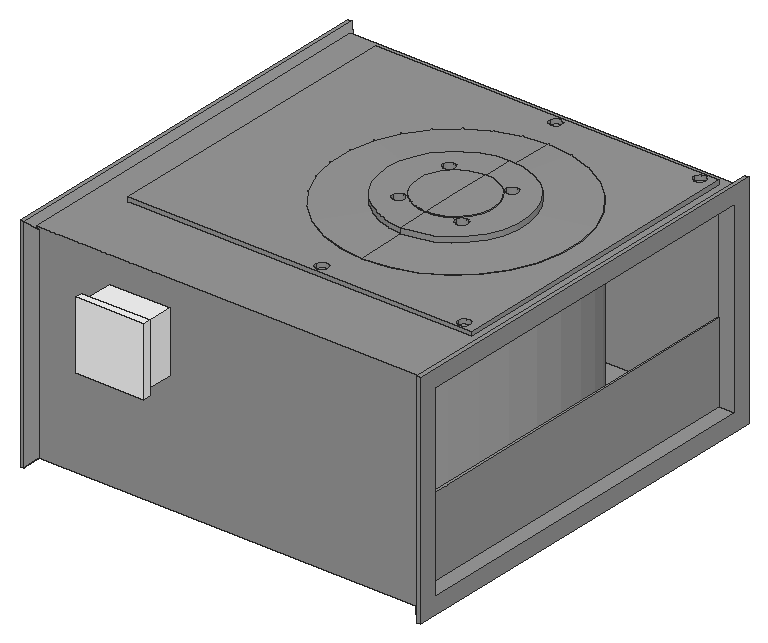
Revit family "RKB 500X250 B1 ErP AC_7470047", category Mechanical Equipment, Revit 2014
Parameters (values of type "RKB 500X250 B1 ErP AC")
  Wiring diagram = "4040001"
  Width = 532 mm
  Weight = 14.70 kg
  Voltage range = "220-240 V"
  Voltage = 230 V
  Speed = "2680 rpm"
  Sound pressure level at 3 m = "58 dB(A)"
  Power = 168 W
  Phase = 1
  Max. temperature of transported air when speed controlled = 70 °C
  Max. temperature of transported air = 70 °C
  Main Material = Steel, Galvanized
  Height = 293 mm
  Frequency = 50 Hz
  Elevation [instance] = 2600 mm
  Description = "UNINSULATED DUCT FANS WITH RECTANGULAR CONNECTIONS"
  Depth = 543 mm
  Current = 0.91 A
  Connector Height = 250 mm
  Connector Width = 500 mm
  Capacitor = "5 μF"
Reference planes
  plane 1 "Center (Front/Back)": y = 0
  plane 2: z = 0
  plane 3 "Center (Left/Right)": x = 0
  plane 4: x = -266
  plane 5: x = 266
  plane 6: y = 271.5
  plane 7: y = -271.5
  plane 8: z = 2600
  plane 9: z = 2893
Dimensions and locks
  equal spacing: plane 4, plane 3 "Center (Left/Right)", plane 5
  "Width": plane 4 to plane 5
  equal spacing: plane 6, plane 1 "Center (Front/Back)", plane 7
  "Depth": plane 6 to plane 7
  "Elevation": plane 8 to level
  "Height": plane 9 to plane 8
  aligned and locked: level to plane 2
  aligned and locked: nested 1 to plane 1 "Center (Front/Back)"
  aligned and locked: plane 1 "Center (Front/Back)" to nested 2
  aligned and locked: plane 3 "Center (Left/Right)" to nested 2
  aligned and locked: nested 2 to plane 8
  aligned and locked: plane 3 "Center (Left/Right)" to nested 1
Nested families
  nested 1: "Flow direction symbol" at (0, 0, 0), type "Flow direction symbol"
  nested 2: "RKB" at (0, 0, 2600), type "RKB"
Connectors
  hvac at (-266, 0, 2746.5), driven by "Connector Height", driven by "Connector Width"
    settings: on nested 2, index 1, duct flow 0.0 L/s, flow factor 0, pres drop 0.0 Pa, loss coef 0, conn angle 0.00°, conn width 500 mm, conn height 250 mm, conn diameter 609.6 mm, duct sys type 1, conn prof type 1, flow config 0, flow direction 1, loss method 0, conn ref index -1, conn util no, is conn primary yes, conn desc ""
  hvac at (266, 0, 2746.5), driven by "Connector Height", driven by "Connector Width"
    settings: on nested 2, index 2, duct flow 0.0 L/s, flow factor 0, pres drop 0.0 Pa, loss coef 0, conn angle 0.00°, conn width 500 mm, conn height 250 mm, conn diameter 609.6 mm, duct sys type 3, conn prof type 1, flow config 0, flow direction 2, loss method 0, conn ref index -1, conn util no, is conn primary no, conn desc ""
  electrical at (-107.218, -321.5, 2818.459), driven by "Phase", driven by "Voltage", driven by "Power"
    settings: on nested 2, index 3, voltage 230 V, apparent load 0 VA, apparent load phase1 168 VA, apparent load phase2 0 VA, apparent load phase3 0 VA, power factor 1, load classification "HVAC", number of poles 1, system type 31, power factor state 1, is connector primary yes, connector utility no, sub classification motor no, connector description ""
Definition of nested family "RKB"
  Parameters (values of type "RKB")
    Width = 532 mm
    Main Material = Steel, Galvanized
    Height = 294 mm
    Description = ""
    Depth = 543 mm
    Connector Width = 500 mm
    Connector Heigth = 250 mm
  Reference planes
    plane 1 "Center (Front/Back)": y = 0
    plane 2: z = 0
    plane 3 "Center (Left/Right)": x = 0
    plane 4: x = -266
    plane 5: x = 266
    plane 6: y = 271.5
    plane 7: y = -271.5
    plane 8: z = 294
    plane 9: z = 119
    plane 10: x = -107.218
    plane 11: z = 147
    plane 12: z = 272
    plane 13: z = 22
    plane 14: y = 250
    plane 15: y = -250
    plane 16: x = 59.705
    plane 17: y = 43.313
  Forms (mm)
    Sweep 1, solid, material "Steel, Galvanized" <- "Main Material", detail levels medium+fine
      path origin (-266, 864.407, 1200) x (0, 1, 0) y (0, 0, 1)
        loop
          line (-592.907, -1200) -> (-592.907, -906) -> (-1135.907, -906) -> (-1135.907, -1200) -> (-592.907, -1200)
      profile origin (-266, 271.5, 147) x (0, -1, 0) y (1, 0, 0)
        loop
          line (22.203, 21.231) -> (16.231, 21.231) -> (0, 5) -> (0, 0) -> (22.203, 0) -> (22.203, 21.231)
    Sweep 2, solid, material "Steel, Galvanized" <- "Main Material", detail levels medium+fine
      path origin (266, 864.407, 1200) x (0, 1, 0) y (0, 0, 1)
        loop
          line (-592.907, -1200) -> (-592.907, -906) -> (-1135.907, -906) -> (-1135.907, -1200) -> (-592.907, -1200)
      profile origin (266, 271.5, 147) x (0, -1, 0) y (1, 0, 0)
        loop
          line (22.203, -21.231) -> (22.203, 0) -> (0, 0) -> (0, -5) -> (16.231, -21.231) -> (22.203, -21.231)
    Sweep 3, solid, material "Steel, Galvanized" <- "Main Material", detail levels medium+fine
      path origin (0, 0, 0) x (1, 0, 0) y (0, 1, 0)
        loop
          line (-266, 0) -> (266, 0)
      profile origin (0, 0, 0) x (0, 1, 0) y (0, 0, 1)
        loop
          line (250, 272) -> (-250, 272) -> (-250, 22) -> (250, 22) -> (250, 272)
        loop
          line (-261, 286.827) -> (-261, 11) -> (261, 11) -> (261, 286.827) -> (-261, 286.827)
    Revolve 4, solid, material "Steel, Galvanized" <- "Main Material", detail levels medium+fine
      sketch origin (59.705, 28.533, 1213.989) x (0, -1, 0) y (0, 0, 1)
        loop
          line (-15.321, -1185.797) -> (-15.321, -911.741) -> (-64.781, -911.741) -> (-64.781, -912.761) -> (-105.679, -912.761) -> (-105.679, -919.989) -> (-170.321, -922.162) -> (-170.321, -1185.797) -> (-15.321, -1185.797)
        axis (-15.321, -911.741) -> (-15.321, -1185.797)
      angle from 0 to 360
    Sweep 5, void
      path origin (58.455, 35, 1200) x (-1, 0, 0) y (0, 0, 1)
        loop
          line (-1.25, -928.203) -> (-1.25, -878.203)
      profile origin (59.705, 35, 296.797) x (1, 0, 0) y (0, 1, 0)
        loop
          circle (41.921, 50.193) r 8
        loop
          circle (168.029, 204.186) r 8
        loop
          circle (-22.987, 203.453) r 8
        loop
          circle (167.323, -186.128) r 8
        loop
          circle (-22.387, -185.148) r 8
        loop
          circle (-41.921, 50.193) r 8
        loop
          circle (41.921, -33.566) r 8
        loop
          circle (-41.921, -33.566) r 8
    Sweep 6, solid, material "Steel, Galvanized" <- "Main Material", detail levels coarse
      path origin (0, 0, 0) x (1, 0, 0) y (0, 1, 0)
        loop
          line (-266, 0) -> (266, 0)
      profile origin (0, 0, 0) x (0, 1, 0) y (0, 0, 1)
        loop
          line (271.5, 294) -> (-271.5, 294) -> (-271.5, 0) -> (271.5, 0) -> (271.5, 294)
    Sweep 7, solid, material "Steel, Galvanized" <- "Main Material", detail levels medium+fine
      path origin (0, 0, 0) x (0, 1, 0) y (0, 0, 1)
        loop
          line (249.297, 22.203) -> (249.297, 127.203)
      profile origin (0, 249.297, 74.703) x (0, -1, 0) y (1, 0, 0)
        loop
          line (0, -244.769) -> (498.595, -244.769) -> (498.595, -241.769) -> (0, -241.769) -> (0, -244.769)
        loop
          line (0, 244.769) -> (0, 241.769) -> (498.595, 241.769) -> (498.595, 244.769) -> (0, 244.769)
    Sweep 8, solid, material "Plastic", detail levels medium+fine
      path origin (0, -16.231, 0) x (1, 0, 0) y (0, 1, 0)
        loop
          line (-107.218, -255.269) -> (-107.218, -295.269)
      profile origin (-107.218, -291.5, 0) x (1, 0, 0) y (0, 0, 1)
        loop
          line (-40, 178.459) -> (40, 178.459) -> (40, 258.459) -> (-40, 258.459) -> (-40, 178.459)
    Sweep 9, solid, material "Plastic", detail levels medium+fine
      path origin (0, -16.231, 0) x (1, 0, 0) y (0, 1, 0)
        loop
          line (-107.218, -295.269) -> (-107.218, -305.269)
      profile origin (-107.218, -316.5, 0) x (1, 0, 0) y (0, 0, 1)
        loop
          line (-45, 263.459) -> (-45, 173.459) -> (45, 173.459) -> (45, 263.459) -> (-45, 263.459)
    Extrusion 10, solid, material "Steel, Galvanized" <- "Main Material"
      sketch origin (0, 0, 0) x (0, 1, 0) y (0, 0, 1)
        loop
          line (249.297, 286.827) -> (249.297, 291.827) -> (-161.059, 291.827) -> (-161.059, 286.827) -> (249.297, 286.827)
      from -211.058 to 244.769
  Cuts and joins
    joined: Sweep 1, Sweep 2, Sweep 3
    Sweep 5 cuts Extrusion 10
    Sweep 5 cuts Revolve 4
  Dimensions and locks
    equal spacing: plane 4, plane 3 "Center (Left/Right)", plane 5
    "Width": plane 4 to plane 5
    equal spacing: plane 6, plane 1 "Center (Front/Back)", plane 7
    "Depth": plane 6 to plane 7
    "Height": plane 8 to level
    Sweep 5 sketch curve to plane 8 to Sweep 5 sketch curve = 27.797 mm locked, 22.203 mm locked
    locked: Sweep 7 sketch curve to plane 2 at 22.203
    Sweep 7 sketch curve to Sweep 7 sketch curve = 105 mm
    locked: plane 6 to Sweep 7 sketch curve at 22.203  (x2)
    locked: plane 4 to Sweep 7 sketch curve at 21.231
    locked: Sweep 7 sketch curve to Sweep 7 sketch curve at 3  (x2)
    locked: Sweep 7 sketch curve to plane 7 at 22.203  (x2)
    locked: Sweep 7 sketch curve to plane 6 at 22.203
    locked: Sweep 7 sketch curve to plane 5 at 21.231
    Sweep 8 sketch curve to plane 7 to Sweep 8 sketch curve = 0 mm, 40 mm
    plane 7 to Sweep 9 sketch curve to Sweep 9 sketch curve = 40 mm, 10 mm locked
    equal spacing: plane 8, plane 11, plane 2
    "Connector Heigth": plane 12 to plane 13
    equal spacing: plane 12, plane 11, plane 13
    "Connector Width": plane 14 to plane 15
    equal spacing: plane 14, plane 1 "Center (Front/Back)", plane 15
    Sweep 3 sketch curve to Sweep 3 sketch curve = 522 mm
    aligned and locked: level to plane 2
    aligned and locked: Sweep 1 sketch curve to plane 6
    aligned and locked: plane 7 to Sweep 1 sketch curve
    aligned and locked: plane 2 to Sweep 1 sketch curve
    aligned and locked: Sweep 1 sketch curve to plane 8
    aligned and locked: Sweep 2 sketch curve to plane 8
    aligned and locked: plane 2 to Sweep 2 sketch curve
    aligned and locked: plane 7 to Sweep 2 sketch curve
    aligned and locked: Sweep 2 sketch curve to plane 6
    aligned and locked: plane 1 "Center (Front/Back)" to Sweep 3 sketch curve
    aligned and locked: plane 1 "Center (Front/Back)" to Sweep 6 sketch curve
    aligned and locked: plane 2 to Sweep 6 sketch curve
    aligned and locked: plane 7 to Sweep 6 sketch curve
    aligned and locked: Sweep 6 sketch curve to plane 6
    aligned and locked: Sweep 6 sketch curve to plane 8
    aligned and locked: plane 10 to Sweep 8 sketch curve
    aligned and locked: plane 13 to Sweep 3 sketch curve
    aligned and locked: plane 15 to Sweep 3 sketch curve
    aligned and locked: Sweep 3 sketch curve to plane 12
    aligned and locked: Sweep 3 sketch curve to plane 14
    aligned and locked: Extrusion 10 to cut or joined group of Sweep 1, Sweep 2, Sweep 3
    aligned and locked: Extrusion 10 sketch curve to cut or joined group of Sweep 1, Sweep 2, Sweep 3
    aligned and locked: plane 8 to Revolve 4 sketch curve
    aligned and locked: cut or joined group of Sweep 5, Extrusion 10 to Revolve 4 sketch curve
  Automatic sketch dimensions
    Sweep 1 sketch curve to profile plane = 0 mm
    Sweep 1 sketch curve to plane 4 = 0 mm
    Sweep 1 sketch curve to profile plane = 16.231 mm
    Sweep 1 sketch curve to Sweep 1 sketch curve = 5.972 mm
    plane 4 to Sweep 1 sketch curve = 5 mm
    plane 4 to Sweep 1 sketch curve = 21.231 mm
    Sweep 2 sketch curve to profile plane = 0 mm
    Sweep 2 sketch curve to plane 5 = 0 mm
    Sweep 2 sketch curve to profile plane = 16.231 mm
    Sweep 2 sketch curve to Sweep 2 sketch curve = 5.972 mm
    Sweep 2 sketch curve to Sweep 2 sketch curve = 5 mm
    Sweep 2 sketch curve to Sweep 2 sketch curve = 21.231 mm
    Sweep 3 sketch curve to plane 4 = 0 mm
    Sweep 3 sketch curve to plane 5 = 0 mm
    Sweep 6 sketch curve to plane 4 = 0 mm
    Sweep 6 sketch curve to plane 5 = 0 mm
    profile plane to Sweep 8 sketch curve = 40 mm
    Sweep 8 sketch curve to profile plane = 40 mm
    level to Sweep 8 sketch curve = 178.459 mm
    Sweep 8 sketch curve to Sweep 8 sketch curve = 80 mm
    profile plane to Sweep 9 sketch curve = 45 mm
    Sweep 9 sketch curve to profile plane = 45 mm
    level to Sweep 9 sketch curve = 173.459 mm
    Sweep 9 sketch curve to Sweep 9 sketch curve = 90 mm
    level to Sweep 3 sketch curve = 11 mm
    Sweep 3 sketch curve to Sweep 3 sketch curve = 14.827 mm
    plane 3 "Center (Left/Right)" to Sweep 5 sketch curve = 59.705 mm
    Sweep 3 sketch curve to Sweep 3 sketch curve = 11 mm
    Sweep 9 sketch curve to plane 10 = 0 mm
    profile plane to Sweep 5 sketch curve = 41.921 mm  (x2)
    profile plane to Sweep 5 sketch curve = 22.987 mm
    profile plane to Sweep 5 sketch curve = 22.387 mm
    Sweep 5 sketch curve to profile plane = 41.921 mm  (x2)
    Sweep 5 sketch curve to profile plane = 168.029 mm
    Sweep 5 sketch curve to profile plane = 167.323 mm
    Sweep 5 sketch curve to profile plane = 185.148 mm
    Sweep 5 sketch curve to profile plane = 186.128 mm
    Sweep 5 sketch curve to profile plane = 33.566 mm  (x2)
    profile plane to Sweep 5 sketch curve = 50.193 mm  (x2)
    Sweep 5 sketch curve to Sweep 5 sketch curve = 153.992 mm
    Sweep 5 sketch curve to Sweep 5 sketch curve = 153.26 mm
    Extrusion 10 sketch curve to plane 14 = 0.703 mm
    plane 15 to Extrusion 10 sketch curve = 88.941 mm
    Extrusion 10 sketch curve to Extrusion 10 sketch curve = 5 mm
    Revolve 4 sketch curve to plane 14 = 51.146 mm
    plane 8 to Revolve 4 sketch curve = 7.228 mm
    Revolve 4 sketch curve to Revolve 4 sketch curve = 64.642 mm
    plane 8 to Revolve 4 sketch curve = 8.248 mm
    Revolve 4 sketch curve to Revolve 4 sketch curve = 40.898 mm
    Revolve 4 sketch curve to plane 17 = 0.54 mm  (x2)
    plane 13 to Revolve 4 sketch curve = 6.192 mm
    Revolve 4 sketch curve to Revolve 4 sketch curve = 0 mm
    Revolve 4 sketch curve to Revolve 4 sketch curve = 10.511 mm
    radius of Sweep 5 sketch curve = 8 mm  (x8)
Definition of nested family "Flow direction symbol"
  Parameters (values of type "Flow direction symbol")
    Warning = "!"
    Text = "DIMENSIONS OVERCONSTRAINT"
  Reference planes
    plane 1: y = 0
    plane 2: x = 0
  Lines and regions (mm)
    detail lines
      curve 1: line (-0.506, 0.877, 0) -> (-0.506, -0.877, 0)
      curve 2: line (1.012, 0, 0) -> (-0.506, -0.877, 0)
      curve 3: line (-0.506, 0.877, 0) -> (1.012, 0, 0)
      curve 4: circle (0, 0, 0) r 1 normal (0, 0, 1)
